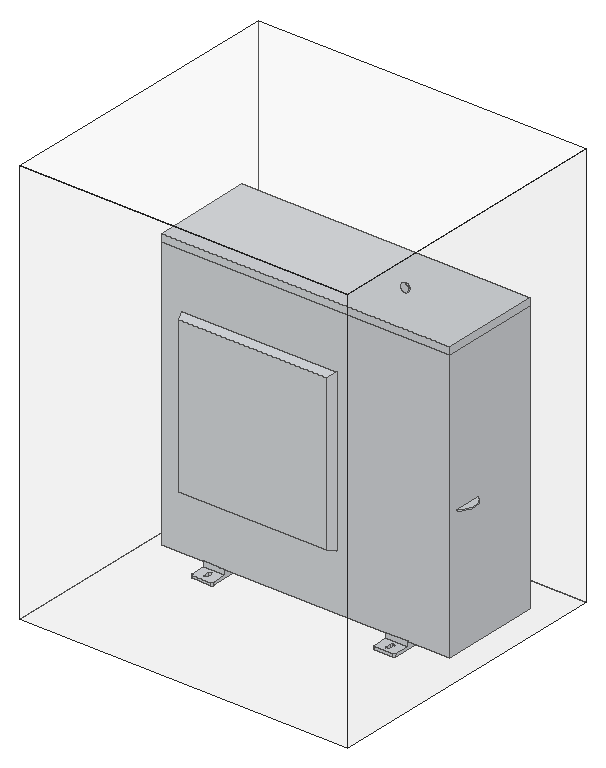
Revit family "puz-zrmp80280hka14_60hz", category 機械設備, Revit 2019 (continued)
Definition of nested family "PUZ-ZRMP-2"
  Automatic sketch dimensions
    curve 42 to plane 50 = 0 mm
    curve 41 to plane 50 = 0 mm
    curve 27 to plane 50 = 0 mm
    curve 28 to plane 50 = 0 mm
    curve 40 to plane 50 = 0 mm
    curve 39 to plane 50 = 0 mm
    curve 29 to plane 50 = 0 mm
    curve 38 to plane 50 = 0 mm
    curve 30 to plane 50 = 0 mm
    curve 53 to plane 50 = 0 mm
    curve 31 to plane 50 = 0 mm
    curve 36 to plane 50 = 0 mm
    curve 32 to plane 50 = 0 mm
    curve 35 to plane 50 = 0 mm
    curve 33 to plane 50 = 0 mm
    curve 34 to plane 50 = 0 mm
    curve 28 to plane 49 = 0 mm
    curve 41 to plane 49 = 0 mm
    curve 27 to plane 49 = 0 mm
    curve 42 to plane 49 = 0 mm
    curve 31 to plane 49 = 0 mm
    curve 40 to plane 49 = 0 mm
    curve 37 to plane 49 = 0 mm
    curve 39 to plane 49 = 0 mm
    curve 32 to plane 49 = 0 mm
    curve 45 to plane 49 = 0 mm
    curve 36 to plane 49 = 0 mm
    curve 46 to plane 49 = 0 mm
    curve 43 to plane 49 = 0 mm
    curve 47 to plane 49 = 0 mm
    curve 29 to plane 49 = 0 mm
    curve 48 to plane 49 = 0 mm
    curve 30 to plane 49 = 0 mm
    curve 49 to plane 49 = 0 mm
    curve 44 to plane 49 = 0 mm
    curve 50 to plane 49 = 0 mm
    curve 33 to plane 49 = 0 mm
    curve 51 to plane 49 = 0 mm
    curve 35 to plane 49 = 0 mm
    curve 52 to plane 49 = 0 mm
    curve 38 to plane 49 = 0 mm
    curve 53 to plane 49 = 0 mm
    curve 34 to plane 49 = 0 mm
    Extrusion 9 sketch curve to plane 18 = 0 mm  (x2)
    plane 8 to Extrusion 9 sketch curve = 0 mm
    plane 23 to Extrusion 9 sketch curve = 0 mm
    plane 22 to Extrusion 9 sketch curve = 0 mm  (x3)
    plane 16 to Extrusion 9 sketch curve = 0 mm  (x3)
    plane 17 to Extrusion 9 sketch curve = 0 mm  (x2)
    Extrusion 9 sketch curve to plane 15 = 0 mm  (x2)
    Extrusion 9 sketch curve to plane 19 = 0 mm  (x2)
    Extrusion 9 sketch curve to plane 14 = 0 mm  (x2)
    plane 7 to Extrusion 9 sketch curve = 0 mm
    Extrusion 9 sketch curve to Extrusion 9 sketch curve = 5 mm
    plane 15 to Extrusion 9 sketch curve = 6 mm  (x2)
    plane 19 to Extrusion 9 sketch curve = 5 mm
    Extrusion 9 sketch curve to plane 20 = 5 mm
    plane 14 to Extrusion 9 sketch curve = 6 mm  (x2)
    plane 21 to Extrusion 9 sketch curve = 5 mm
    plane 40 to Masking region 1 sketch curve = 0 mm
    plane 8 to Masking region 1 sketch curve = 0 mm  (x2)
    plane 7 to Masking region 1 sketch curve = 0 mm  (x2)
    curve 301 to plane 6 = 0 mm
    plane 52 to curve 8 = 0 mm
    plane 7 to curve 303 = 0 mm
    curve 304 to plane 18 = 0 mm
    curve 299 to plane 18 = 0 mm
    plane 8 to curve 297 = 0 mm
    curve 305 to plane 19 = 0 mm
    curve 298 to plane 19 = 0 mm
    curve 296 to plane 43 = 0 mm
    curve 295 to plane 48 = 0 mm
    curve 308 to plane 20 = 0 mm
    curve 291 to plane 21 = 11.98 mm
    curve 309 to plane 21 = 0 mm
    curve 290 to plane 47 = 0 mm
    curve 290 to plane 44 = 0 mm
    curve 288 to plane 5 = 0 mm
    plane 22 to curve 304 = 0 mm
    plane 22 to curve 308 = 0 mm
    plane 23 to curve 293 = 0 mm
    plane 23 to curve 298 = 0 mm
    curve 20 to plane 54 = 9 mm
    plane 66 to curve 316 = 4.5 mm
    curve 11 to plane 30 = 5 mm
    curve 11 to plane 66 = 10.5 mm
    curve 8 to curve 5 = 0 mm
    curve 12 to curve 6 = 0 mm
    curve 303 to plane 59 = 17.452 mm
    plane 15 to curve 297 = 2.486 mm
    curve 287 to plane 21 = 16.899 mm
    plane 47 to curve 297 = 22.809 mm
    plane 47 to curve 2 = 2 mm
    plane 31 to curve 9 = 5 mm
    curve 9 to curve 4 = 0 mm
    curve 16 to plane 47 = 13 mm
    plane 40 to Extrusion 9 sketch curve = 10 mm  (x2)
    curve 294 to plane 20 = 0 mm
    curve 293 to plane 21 = 0 mm
    plane 40 to curve 294 = 0 mm
    plane 47 to curve 1 = 2 mm
    curve 16 to curve 325 = 15 mm
Definition of nested family "固定点"
  Parameters (values of type "固定点")
    中心円 = if(W > 599 mm, 12 mm, 10 mm)  # 12 mm
    W = 1000 mm
    D = 1000 mm
  Reference planes
    plane 1 "中心(正面/背面)": y = 0
    plane 2: z = 0
    plane 3 "中心(左/右)": x = 0
    plane 4: x = 1000
    plane 5: y = 1000
  Lines and regions (mm)
    symbolic lines, detail levels fine
      curve 1: circle (0, 1000, 0) r 6 normal (0, 0, 1)
      curve 2: circle (0, 0, 0) r 6 normal (0, 0, 1)
      curve 3: circle (1000, 1000, 0) r 6 normal (0, 0, 1)
      curve 4: circle (1000, 0, 0) r 6 normal (0, 0, 1)
      curve 5: line (-200, 1000, 0) -> (1200, 1000, 0)
      curve 6: line (-200, 0, 0) -> (1200, 0, 0)
      curve 7: line (0, 1200, 0) -> (0, -200, 0)
      curve 8: line (1000, 1200, 0) -> (1000, -200, 0)
  Dimensions and locks
    "W": plane 3 "中心(左/右)" to plane 4
    "D": plane 1 "中心(正面/背面)" to plane 5
    "中心円": diameter of curve 1
    "中心円": diameter of curve 2
    "中心円": diameter of curve 3
    "中心円": diameter of curve 4
    aligned and locked: level to plane 2
    aligned and locked: plane 5 to curve 1
    aligned and locked: plane 3 "中心(左/右)" to curve 1
    aligned and locked: plane 3 "中心(左/右)" to curve 2
    aligned and locked: plane 1 "中心(正面/背面)" to curve 2
    aligned and locked: plane 4 to curve 3
    aligned and locked: plane 5 to curve 3
    aligned and locked: plane 1 "中心(正面/背面)" to curve 4
    aligned and locked: plane 4 to curve 4
    aligned and locked: plane 1 "中心(正面/背面)" to curve 6
    aligned and locked: curve 7 to plane 3 "中心(左/右)"
    aligned and locked: curve 8 to plane 4
  Automatic sketch dimensions
    curve 5 to plane 5 = 0 mm
    curve 6 to plane 3 "中心(左/右)" = 200 mm
    curve 5 to plane 3 "中心(左/右)" = 200 mm
    curve 4 to curve 6 = 200 mm
    curve 3 to curve 5 = 200 mm
    plane 1 "中心(正面/背面)" to curve 8 = 200 mm
    plane 1 "中心(正面/背面)" to curve 7 = 200 mm
    curve 3 to curve 8 = 200 mm
    curve 1 to curve 7 = 200 mm
Types (7, lengths in mm): name | 音響パワーレベル_冷房 (dB) | 音響パワーレベル_暖房 (dB) | 音響パワーレベル(dB) | 電源位置Z | 電源位置X | 電動機出力_送風機 | 電動機出力_圧縮機 | 質量 | 製品質量 | 相 | 消費電力_暖房 | 消費電力_冷房 | 消費電力 | 構成品番 | 極数 | 最小電線太さ_mm2 | 暖房能力 | 推奨ブレーカー容量 | ドレン　位置Y | ドレン　位置X | 冷房能力 | 冷媒管（ガス）位置X | 冷媒管（液）位置X | 冷媒管（ガス）位置Y | 冷媒管径符号 | 冷媒管位置Z | 冷媒管位置Y | 冷媒管位置X | 冷媒液管径 | 冷媒ガス管径 | Width | Height | Clearance Right | Clearance Left | Clearance Front | Clearance Back
  室外機_PUZ-ZRMP80HA14 (-BS_BSG) | 66 | 68 | 68 | 669 | 275 | 0.06 kW | 1.6 kW | 79.20 kg | 66.00 kg | 3 | 2.22 kW | 1.93 kW | 2.22 kW | "PUZ-ZRMP80HA14 (-BS,-BSG)" | 3 | 3.5 | 8 kW | 20 A | 111 | 30 | 7.1 kW | 434 | 377 | 229 | "Bd" | 447 | 259.5 | 405.5 | 9.52 | 15.88 | 950 | 943 | 10 | 10 | 500 | 100
  室外機_PUZ-ZRMP80SHA14 (-BS_BSG) | 66 | 68 | 68 | 669 | 275 | 0.06 kW | 1.6 kW | 84.00 kg | 70.00 kg | 1 | 2.34 kW | 1.98 kW | 2.34 kW | "PUZ-ZRMP80SHA14 (-BS,-BSG)" | 1 | 3.5 | 8 kW | 30 A | 111 | 30 | 7.1 kW | 434 | 377 | 229 | "Bd" | 447 | 259.5 | 405.5 | 9.52 | 15.88 | 950 | 943 | 10 | 10 | 500 | 100
  室外機_PUZ-ZRMP112KA14 (-BS_BSG) | 68 | 70 | 70 | 1063 | 325 | 0.12 kW | 2.1 kW | 118.80 kg | 99.00 kg | 3 | 2.67 kW | 2.43 kW | 2.67 kW | "PUZ-ZRMP112KA14 (-BS,-BSG)" | 3 | 5.5 | 11.2 kW | 30 A | 176 | 45 | 10 kW | 483 | 423 | 234 | "Bd" | 450 | 262 | 453 | 9.52 | 15.88 | 1050 | 1338 | 15 | 15 | 500 | 150
  室外機_PUZ-ZRMP140KA14 (-BS_BSG) | 68 | 71 | 71 | 1063 | 325 | 0.12 kW | 2.8 kW | 118.80 kg | 99.00 kg | 3 | 3.72 kW | 3.61 kW | 3.72 kW | "PUZ-ZRMP140KA14 (-BS,-BSG)" | 3 | 5.5 | 14 kW | 30 A | 176 | 45 | 12.5 kW | 483 | 423 | 234 | "Bd" | 450 | 262 | 453 | 9.52 | 15.88 | 1050 | 1338 | 15 | 15 | 500 | 150
  室外機_PUZ-ZRMP160KA14 (-BS_BSG) | 70 | 73 | 73 | 1063 | 325 | 0.12 kW | 3.3 kW | 118.80 kg | 99.00 kg | 3 | 4.5 kW | 4.6 kW | 4.6 kW | "PUZ-ZRMP160KA14 (-BS,-BSG)" | 3 | 5.5 | 16 kW | 30 A | 176 | 45 | 14 kW | 483 | 423 | 234 | "Bd" | 450 | 262 | 453 | 9.52 | 15.88 | 1050 | 1338 | 15 | 15 | 500 | 150
  室外機_PUZ-ZRMP224KA4 (-BS_BSG) | 79 | 81 | 81 | 1063 | 325 | 0.3 kW | 4.6 kW | 156.00 kg | 130.00 kg | 3 | 5.66 kW | 6.07 kW | 6.07 kW | "PUZ-ZRMP224KA4 (-BS,-BSG)" | 3 | 8 | 22.4 kW | 40 A | 176 | 45 | 20 kW | 479 | 423 | 236 | "Bg" | 450 | 263 | 451 | 9.52 | 25.40 | 1050 | 1338 | 15 | 15 | 1000 | 150
  室外機_PUZ-ZRMP280KA4 (-BS_BSG) | 79 | 81 | 81 | 1063 | 325 | 0.4 kW | 5.7 kW | 160.80 kg | 134.00 kg | 3 | 8.14 kW | 9.2 kW | 9.2 kW | "PUZ-ZRMP280KA4 (-BS,-BSG)" | 3 | 14 | 28 kW | 50 A | 176 | 45 | 25 kW | 479 | 423 | 236 | "Cg" | 450 | 263 | 451 | 12.70 | 25.40 | 1050 | 1338 | 15 | 15 | 1000 | 150
